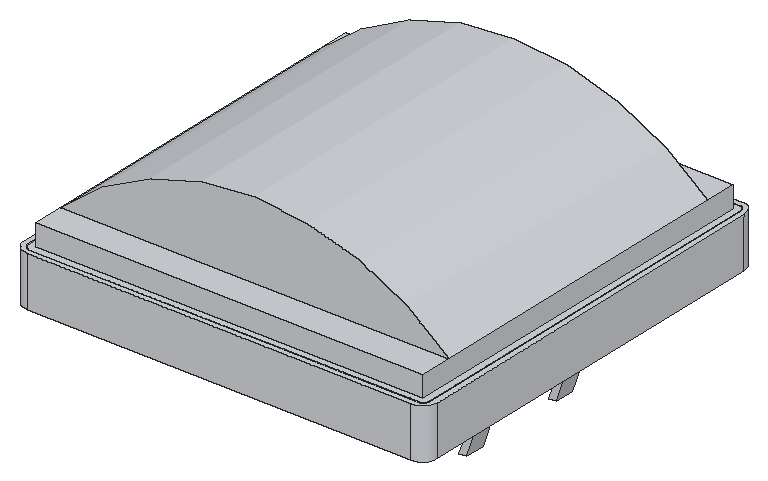
Revit family "Gira_5374600", category Electrical Fixtures, host Face, Revit 2017
Family settings
  Host = Face
  Maintain Annotation Orientation = Yes
  Round Connector Dimension = Use Diameter
  Part Type = Normal
  Cut with Voids When Loaded = No
  Shared = No
  Room Calculation Point = No
Parameters (values of type "S3000 motion detec.top 1.10 m Komfort BT System 55 stainl.steel(lac.)")
  URL = "http://katalog.gira.de/en/datenblatt.html?artikelnr=5374600"
  Name = "S3000 motion detec.top 1.10 m Komfort BT System 55 stainl.steel(lac.)"
  Model = "Movement sensor"
  Manufacturer URL = "https://www.gira.de/"
  Manufacturer = "Gira"
  Keynote = ""
  HeinzeBIM = "https://bimportal.heinze.de/bim/s3000-motion-detec-top-1-10-m-komfort-bt-system-55-stainl-steel-lac-/24167c3669b8fc63934bbf87aa4aa3682d731f3b"
  HAN = "5374600"
  GTIN = "4010337049548"
  Description = "S3000 mot.det.top 1.10m Kmf BT Sys55 SST,System 3000 motion detector top unit 1.10 m Komfort BT,System 55,stainless steel (lacquered),Features:,- Automatic switching of lighting, depending on the movement of heat and ambient brightness.,- Operation with System 3000 switching or dimming insert or 3-wire auxiliary insert.,- Expansion of the detection range in combination with the 3-wire auxiliary insert.,- When connecting a System 3000 auxiliary insert with an operating top unit or mechanical button to the main unit, the lighting can be switched on or dimmed for the duration of the delay time.,- Device facilitates manual switchover between automatic, always-on and always-off.,With System 3000 switching insert:,- Short-term operation,With System 3000 dimming insert:,- Switch on with the last brightness set, or a saved switch-on brightness.,- The switch-on brightness can only be saved permanently via the System 3000 auxiliary insert with operating top unit.,Functions with the Gira Bluetooth app:,- Set the brightness threshold.,- Individually adjustable sensitivity of the two sensors (0, 25, 50, 75, 100 %).,- Set the delay time.,- Override functions: Automatic mode, permanently on off, time-limited on off for 0.5 to 5 hours.,- Occupied-home simulation.,- Switch-off pre-warning.,- Day mode.,- Walking test.,- Switch on with the last brightness set, or a saved switch-on brightness in combination with a dimming insert.,,Notes :,- The detection range is aligned horizontally and when used outdoors may fail to identify a boundary. When installing outdoors, find an appropriate location or use the 2.20 m motion detector top unit."
  Default Elevation = 1219.2 mm
  Data sheet (1) = "https://katalog.gira.de/en/download.html?artikelnr=5374600"
  Category = "Sensor element for movement sensor"
  BIM (1) = "https://media.stage.bim.site/public/gira/36a6b08/Bewegungsmelder_1,10m.rfa"
  Available = "No"
Reference planes
  plane 1 "Center (Front/Back)": y = 0
  plane 2: z = 0
  plane 3 "Center (Left/Right)": x = 0
Forms (mm)
  Extrusion 1, solid, detail levels fine
    sketch origin (0, 0, 0) x (1, 0, 0) y (0, 0, 1)
      loop
        line (-33.025, 12.126) -> (33.025, 12.126)
        arc (33.025, 12.126) -> (0, 25.3) -> (-33.025, 12.126) r 47.982
    from -27.6 to 27.6
  Extrusion 2, solid, detail levels fine
    sketch origin (0, 0, 0) x (1, 0, 0) y (0, 1, 0)
      loop
        line (33.025, 33.025) -> (-33.025, 33.025) -> (-33.025, -33.025) -> (33.025, -33.025) -> (33.025, 33.025)
    from 8.55 to 12.126
  Extrusion 3, solid, detail levels fine
    sketch origin (0, 0, 0) x (1, 0, 0) y (0, 1, 0)
      loop
        spline (-32.7, 35.2) -> (-33.027, 35.179) -> (-33.347, 35.115) -> (-33.657, 35.01) -> (-33.95, 34.865) -> (-34.222, 34.683) -> (-34.468, 34.468) -> (-34.683, 34.222) -> (-34.865, 33.95) -> (-35.01, 33.657) -> (-35.115, 33.347) -> (-35.179, 33.027) -> (-35.2, 32.7)
        line (-35.2, 32.7) -> (-35.2, -32.7)
        spline (-35.2, -32.7) -> (-35.179, -33.027) -> (-35.115, -33.347) -> (-35.01, -33.657) -> (-34.865, -33.95) -> (-34.683, -34.222) -> (-34.468, -34.468) -> (-34.222, -34.683) -> (-33.95, -34.865) -> (-33.657, -35.01) -> (-33.347, -35.115) -> (-33.027, -35.179) -> (-32.7, -35.2)
        line (-32.7, -35.2) -> (32.7, -35.2)
        spline (32.7, -35.2) -> (33.027, -35.179) -> (33.347, -35.115) -> (33.657, -35.01) -> (33.95, -34.865) -> (34.222, -34.683) -> (34.468, -34.468) -> (34.683, -34.222) -> (34.865, -33.95) -> (35.01, -33.657) -> (35.115, -33.347) -> (35.179, -33.027) -> (35.2, -32.7)
        line (35.2, -32.7) -> (35.2, 32.7)
        spline (35.2, 32.7) -> (35.179, 33.027) -> (35.115, 33.347) -> (35.01, 33.657) -> (34.865, 33.95) -> (34.683, 34.222) -> (34.468, 34.468) -> (34.222, 34.683) -> (33.95, 34.865) -> (33.657, 35.01) -> (33.347, 35.115) -> (33.027, 35.179) -> (32.7, 35.2)
        line (32.7, 35.2) -> (-32.7, 35.2)
      loop
        line (-34.2, 33.2) -> (-34.2, -33.2)
        spline (-34.2, -33.2) -> (-34.191, -33.331) -> (-34.166, -33.459) -> (-34.124, -33.583) -> (-34.066, -33.7) -> (-33.993, -33.809) -> (-33.907, -33.907) -> (-33.809, -33.993) -> (-33.7, -34.066) -> (-33.583, -34.124) -> (-33.459, -34.166) -> (-33.331, -34.191) -> (-33.2, -34.2)
        line (-33.2, -34.2) -> (33.2, -34.2)
        spline (33.2, -34.2) -> (33.331, -34.191) -> (33.459, -34.166) -> (33.583, -34.124) -> (33.7, -34.066) -> (33.809, -33.993) -> (33.907, -33.907) -> (33.993, -33.809) -> (34.066, -33.7) -> (34.124, -33.583) -> (34.166, -33.459) -> (34.191, -33.331) -> (34.2, -33.2)
        line (34.2, -33.2) -> (34.2, 33.2)
        spline (34.2, 33.2) -> (34.191, 33.331) -> (34.166, 33.459) -> (34.124, 33.583) -> (34.066, 33.7) -> (33.993, 33.809) -> (33.907, 33.907) -> (33.809, 33.993) -> (33.7, 34.066) -> (33.583, 34.124) -> (33.459, 34.166) -> (33.331, 34.191) -> (33.2, 34.2)
        line (33.2, 34.2) -> (-33.2, 34.2)
        spline (-33.2, 34.2) -> (-33.331, 34.191) -> (-33.459, 34.166) -> (-33.583, 34.124) -> (-33.7, 34.066) -> (-33.809, 33.993) -> (-33.907, 33.907) -> (-33.993, 33.809) -> (-34.066, 33.7) -> (-34.124, 33.583) -> (-34.166, 33.459) -> (-34.191, 33.331) -> (-34.2, 33.2)
    from 0 to 8.55
  Extrusion 4, solid, detail levels fine
    sketch origin (0, 0, 0) x (1, 0, 0) y (0, 1, 0)
      loop
        line (-34.2, 33.2) -> (-34.2, -33.2)
        spline (-34.2, -33.2) -> (-34.191, -33.331) -> (-34.166, -33.459) -> (-34.124, -33.583) -> (-34.066, -33.7) -> (-33.993, -33.809) -> (-33.907, -33.907) -> (-33.809, -33.993) -> (-33.7, -34.066) -> (-33.583, -34.124) -> (-33.459, -34.166) -> (-33.331, -34.191) -> (-33.2, -34.2)
        line (-33.2, -34.2) -> (33.2, -34.2)
        spline (33.2, -34.2) -> (33.331, -34.191) -> (33.459, -34.166) -> (33.583, -34.124) -> (33.7, -34.066) -> (33.809, -33.993) -> (33.907, -33.907) -> (33.993, -33.809) -> (34.066, -33.7) -> (34.124, -33.583) -> (34.166, -33.459) -> (34.191, -33.331) -> (34.2, -33.2)
        line (34.2, -33.2) -> (34.2, 33.2)
        spline (34.2, 33.2) -> (34.191, 33.331) -> (34.166, 33.459) -> (34.124, 33.583) -> (34.066, 33.7) -> (33.993, 33.809) -> (33.907, 33.907) -> (33.809, 33.993) -> (33.7, 34.066) -> (33.583, 34.124) -> (33.459, 34.166) -> (33.331, 34.191) -> (33.2, 34.2)
        line (33.2, 34.2) -> (-33.2, 34.2)
        spline (-33.2, 34.2) -> (-33.331, 34.191) -> (-33.459, 34.166) -> (-33.583, 34.124) -> (-33.7, 34.066) -> (-33.809, 33.993) -> (-33.907, 33.907) -> (-33.993, 33.809) -> (-34.066, 33.7) -> (-34.124, 33.583) -> (-34.166, 33.459) -> (-34.191, 33.331) -> (-34.2, 33.2)
    from 6.175 to 8.55
  Extrusion 5, solid, detail levels fine
    sketch origin (0, 0, 0) x (1, 0, 0) y (0, 1, 0)
      loop
        spline (-27.7, -27.1) -> (-27.696, -27.165) -> (-27.683, -27.229) -> (-27.662, -27.291) -> (-27.633, -27.35) -> (-27.597, -27.404) -> (-27.554, -27.454) -> (-27.504, -27.497) -> (-27.45, -27.533) -> (-27.391, -27.562) -> (-27.329, -27.583) -> (-27.265, -27.596) -> (-27.2, -27.6)
        line (-27.2, -27.6) -> (27.2, -27.6)
        spline (27.2, -27.6) -> (27.265, -27.596) -> (27.329, -27.583) -> (27.391, -27.562) -> (27.45, -27.533) -> (27.504, -27.497) -> (27.554, -27.454) -> (27.597, -27.404) -> (27.633, -27.35) -> (27.662, -27.291) -> (27.683, -27.229) -> (27.696, -27.165) -> (27.7, -27.1)
        line (27.7, -27.1) -> (27.7, 27.1)
        spline (27.7, 27.1) -> (27.696, 27.165) -> (27.683, 27.229) -> (27.662, 27.291) -> (27.633, 27.35) -> (27.597, 27.404) -> (27.554, 27.454) -> (27.504, 27.497) -> (27.45, 27.533) -> (27.391, 27.562) -> (27.329, 27.583) -> (27.265, 27.596) -> (27.2, 27.6)
        line (27.2, 27.6) -> (-27.2, 27.6)
        spline (-27.2, 27.6) -> (-27.265, 27.596) -> (-27.329, 27.583) -> (-27.391, 27.562) -> (-27.45, 27.533) -> (-27.504, 27.497) -> (-27.554, 27.454) -> (-27.597, 27.404) -> (-27.633, 27.35) -> (-27.662, 27.291) -> (-27.683, 27.229) -> (-27.696, 27.165) -> (-27.7, 27.1)
        line (-27.7, 27.1) -> (-27.7, -27.1)
      loop
        line (26.9, 26.8) -> (-26.9, 26.8) -> (-26.9, -26.8) -> (26.9, -26.8) -> (26.9, 26.8)
    from 0 to 6.175
  Extrusion 6, solid, detail levels fine
    sketch origin (0, 0, 0) x (1, 0, 0) y (0, 1, 0)
      loop
        line (-15.4, -23.928) -> (15.4, -23.928)
        arc (15.4, -23.928) -> (21.43, -21.43) -> (23.928, -15.4) r 8.528
        line (23.928, -15.4) -> (23.928, 15.4)
        arc (23.928, 15.4) -> (21.43, 21.43) -> (15.4, 23.928) r 8.528
        line (15.4, 23.928) -> (-15.4, 23.928)
        arc (-15.4, 23.928) -> (-21.43, 21.43) -> (-23.928, 15.4) r 8.528
        line (-23.928, 15.4) -> (-23.928, -15.4)
        arc (-23.928, -15.4) -> (-21.43, -21.43) -> (-15.4, -23.928) r 8.528
    from -0.985 to 1.6
  Extrusion 7, solid, detail levels fine
    sketch origin (0, 0, 0) x (1, 0, 0) y (0, 1, 0)
      loop
        line (-26.35, 18.301) -> (-26.35, -18.801)
        spline (-26.35, -18.801) -> (-26.286, -19.78) -> (-26.095, -20.742) -> (-25.779, -21.671) -> (-25.345, -22.551) -> (-24.8, -23.366) -> (-24.154, -24.104) -> (-23.416, -24.75) -> (-22.601, -25.295) -> (-21.721, -25.729) -> (-20.792, -26.045) -> (-19.83, -26.236) -> (-18.851, -26.3)
        line (-18.851, -26.3) -> (18.851, -26.3)
        spline (18.851, -26.3) -> (19.83, -26.236) -> (20.792, -26.045) -> (21.721, -25.729) -> (22.601, -25.295) -> (23.416, -24.75) -> (24.154, -24.104) -> (24.8, -23.366) -> (25.345, -22.551) -> (25.779, -21.671) -> (26.094, -20.742) -> (26.286, -19.78) -> (26.35, -18.801)
        line (26.35, -18.801) -> (26.35, 18.301)
        spline (26.35, 18.301) -> (26.286, 19.28) -> (26.094, 20.242) -> (25.779, 21.171) -> (25.345, 22.051) -> (24.8, 22.866) -> (24.154, 23.604) -> (23.416, 24.25) -> (22.601, 24.795) -> (21.721, 25.229) -> (20.792, 25.545) -> (19.83, 25.736) -> (18.851, 25.8)
        line (18.851, 25.8) -> (-18.851, 25.8)
        spline (-18.851, 25.8) -> (-19.83, 25.736) -> (-20.792, 25.545) -> (-21.721, 25.229) -> (-22.601, 24.795) -> (-23.416, 24.25) -> (-24.154, 23.604) -> (-24.8, 22.866) -> (-25.345, 22.051) -> (-25.779, 21.171) -> (-26.095, 20.242) -> (-26.286, 19.28) -> (-26.35, 18.301)
    from 1.6 to 6.1
  Extrusion 8, solid, detail levels fine
    sketch origin (0, 0, 0) x (1, 0, 0) y (0, 0, 1)
      loop
        line (-23.048, -13.343) -> (-21.665, -13.513) -> (-24.338, -6.363) -> (-23.36, 1.6) -> (-25.023, 1.6) -> (-24.975, -1.121) -> (-25.39, -6.541) -> (-23.048, -13.343)
      loop
        line (23.048, -13.343) -> (25.39, -6.541) -> (24.975, -1.121) -> (25.023, 1.6) -> (23.36, 1.6) -> (24.338, -6.363) -> (21.665, -13.513) -> (23.048, -13.343)
    from 7.9 to 11.14
  Extrusion 9, solid, detail levels fine
    sketch origin (0, 0, 0) x (1, 0, 0) y (0, 0, -1)
      loop
        line (-23.048, 13.343) -> (-25.39, 6.541) -> (-24.975, 1.121) -> (-25.023, -1.6) -> (-23.36, -1.6) -> (-24.338, 6.363) -> (-21.665, 13.513) -> (-23.048, 13.343)
      loop
        line (23.048, 13.343) -> (21.665, 13.513) -> (24.338, 6.363) -> (23.36, -1.6) -> (25.023, -1.6) -> (24.975, 1.121) -> (25.39, 6.541) -> (23.048, 13.343)
    from 7.9 to 11.14
  Extrusion 10, solid, detail levels fine
    sketch origin (0, 0, 0) x (1, 0, 0) y (0, 1, 0)
      loop
        line (-5.141, 20.681) -> (-5.141, 15.099)
        spline (-5.141, 15.099) -> (-5.133, 14.968) -> (-5.107, 14.84) -> (-5.065, 14.716) -> (-5.007, 14.599) -> (-4.935, 14.49) -> (-4.849, 14.391) -> (-4.75, 14.305) -> (-4.641, 14.233) -> (-4.524, 14.175) -> (-4.4, 14.133) -> (-4.272, 14.107) -> (-4.141, 14.099)
        line (-4.141, 14.099) -> (4.141, 14.099)
        spline (4.141, 14.099) -> (4.272, 14.107) -> (4.4, 14.133) -> (4.524, 14.175) -> (4.641, 14.233) -> (4.75, 14.305) -> (4.849, 14.391) -> (4.935, 14.49) -> (5.007, 14.599) -> (5.065, 14.716) -> (5.107, 14.84) -> (5.133, 14.968) -> (5.141, 15.099)
        line (5.141, 15.099) -> (5.141, 20.681)
        spline (5.141, 20.681) -> (5.133, 20.812) -> (5.107, 20.94) -> (5.065, 21.064) -> (5.007, 21.181) -> (4.935, 21.29) -> (4.849, 21.389) -> (4.75, 21.475) -> (4.641, 21.547) -> (4.524, 21.605) -> (4.4, 21.647) -> (4.272, 21.673) -> (4.141, 21.681)
        line (4.141, 21.681) -> (-4.141, 21.681)
        spline (-4.141, 21.681) -> (-4.272, 21.673) -> (-4.4, 21.647) -> (-4.524, 21.605) -> (-4.641, 21.547) -> (-4.75, 21.475) -> (-4.849, 21.389) -> (-4.935, 21.29) -> (-5.007, 21.181) -> (-5.065, 21.064) -> (-5.107, 20.94) -> (-5.133, 20.812) -> (-5.141, 20.681)
    from -17.3 to -0.985
  Extrusion 11, solid, detail levels medium
    sketch origin (0, 0, 0) x (1, 0, 0) y (0, 1, 0)
      loop
        line (33.025, 33.025) -> (-33.025, 33.025) -> (-33.025, -33.025) -> (33.025, -33.025) -> (33.025, 33.025)
    from 8.55 to 25.3
  Extrusion 12, solid, detail levels medium
    sketch origin (0, 0, 0) x (1, 0, 0) y (0, 1, 0)
      loop
        line (-35.2, 35.2) -> (-35.2, -35.2) -> (35.2, -35.2) -> (35.2, 35.2) -> (-35.2, 35.2)
    from 0 to 8.55
  Extrusion 13, solid, detail levels medium
    sketch origin (0, 0, 0) x (1, 0, 0) y (0, 0, 1)
      loop
        line (-25.023, 1.6) -> (-25.023, -13.1) -> (-21.665, -13.513) -> (-21.665, 1.6) -> (-25.023, 1.6)
      loop
        line (25.023, 1.6) -> (21.665, 1.6) -> (21.665, -13.513) -> (25.023, -13.1) -> (25.023, 1.6)
    from 8 to 11.14
  Extrusion 14, solid, detail levels medium
    sketch origin (0, 0, 0) x (1, 0, 0) y (0, 0, -1)
      loop
        line (-25.023, -1.6) -> (-21.665, -1.6) -> (-21.665, 13.513) -> (-25.023, 13.1) -> (-25.023, -1.6)
      loop
        line (25.023, -1.6) -> (25.023, 13.1) -> (21.665, 13.513) -> (21.665, -1.6) -> (25.023, -1.6)
    from 8 to 11.14
  Extrusion 15, solid, detail levels medium
    sketch origin (0, 0, 0) x (1, 0, 0) y (0, 1, 0)
      loop
        line (-5.141, 21.681) -> (-5.141, 14.099) -> (5.141, 14.099) -> (5.141, 21.681) -> (-5.141, 21.681)
    from -17.3 to -0.985
  Extrusion 16, solid, detail levels coarse
    sketch origin (0, 0, 0) x (1, 0, 0) y (0, 1, 0)
      loop
        line (-35.2, 35.2) -> (-35.2, -35.2) -> (35.2, -35.2) -> (35.2, 35.2) -> (-35.2, 35.2)
    from -17.3 to 25.3
Dimensions and locks
  aligned and locked: plane 2 to host face
  aligned and locked: level to host face
  aligned and locked: nested 1 to plane 3 "Center (Left/Right)"
  aligned and locked: plane 1 "Center (Front/Back)" to nested 1
Nested families
  nested 1: "Belegungssensor - Bewegung - Aufputz - Beschriftung" at (0, 0, 0) x (0, -1, 0) z (0, 0, 1), type "Belegungssensor - Bewegung - Aufputz - Beschriftung"
Connectors
  electrical at (0, 0, -17.3)
    settings: on Extrusion 16, index 1, voltage 220 V, apparent load 0 VA, apparent load phase1 0 VA, apparent load phase2 0 VA, apparent load phase3 0 VA, power factor 1, load classification "Other", number of poles 1, system type 30, power factor state 1, is connector primary yes, connector utility no, sub classification motor no, connector description ""
Definition of nested family "Belegungssensor - Bewegung - Aufputz - Beschriftung"
  Reference planes
    plane 1: y = 0
    plane 2: x = 0
  Lines and regions (mm)
    Filled region 1, type "Gefüllter Bereich 1"
      outline origin (143.425, -20.712, 0) x (1, 0, 0) y (0, 1, 0)
        loop
          line (-148.697, 21.204) -> (-148.697, 20.409) -> (-147.583, 20.807) -> (-148.697, 21.204)
    Filled region 2, type "Gefüllter Bereich 1"
      outline origin (141.808, 30.001, 0) x (0.939693, 0.34202, 0) y (-0.34202, 0.939693, 0)
        loop
          line (-148.694, 21.203) -> (-148.694, 20.41) -> (-147.583, 20.807) -> (-148.694, 21.203)
    Filled region 3, type "Gefüllter Bereich 1"
      outline origin (141.819, -29.825, 0) x (-0.34202, -0.939693, 0) y (0.939693, -0.34202, 0)
        loop
          line (21.204, -148.697) -> (20.807, -147.583) -> (20.409, -148.697) -> (21.204, -148.697)
    detail lines
      curve 1: line (-1.207, 0.095, 0) -> (-3.486, 1.411, 0)
      curve 2: line (-1.207, 0.095, 0) -> (-3.486, -1.221, 0)
      curve 5: arc (-3.252, 1.752, 0) -> (-3.839, 0.095, 0) -> (-3.252, -1.562, 0) r 2.632
      curve 6: line (-6, 3, 0) -> (0, 3, 0)
      curve 7: line (-6, -3, 0) -> (-6, 3, 0)
      curve 8: line (0, -3, 0) -> (-6, -3, 0)
      curve 9: line (0, 3, 0) -> (0, -3, 0)
    reference lines
      curve 3: line (-1.207, 0.095, 0) -> (-3.616, 2.046, 0)
      curve 4: line (-1.207, 0.095, 0) -> (-3.616, -1.856, 0)
  Dimensions and locks
    curve 1 to curve 1 = 2.632 mm
    curve 2 to curve 2 = 2.632 mm
    curve 6 to curve 8 = 6 mm
    curve 7 to curve 9 = 6 mm
    angle curve 1 to curve 2 = 60.00°
    aligned and locked: curve 6 to curve 7
    aligned and locked: curve 9 to curve 9
